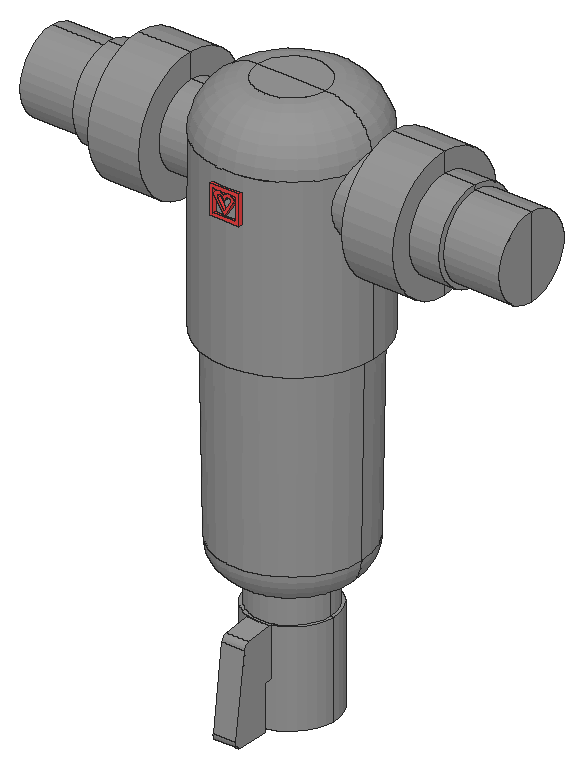
Revit family "HERZ Water Filter For Hot Water 0554", category Rohrzubehör, Revit 2020
Family settings
  Bemaßung runder Anschluss = Durchmesser verwenden
  Teiletyp = Unterbricht
  OmniClass-Nummer = 23.65.55.14
  OmniClass-Titel = Valves for Liquid Services
  Arbeitsebenenbasiert = Nein
  Immer vertikal = Ja
  Beim Laden mit Abzugskörper schneiden = Nein
  Gemeinsam genutzt = Nein
Parameters
  W02 = 88.00°  # constant formula
  W01 = 89.00°  # constant formula
  Vorgabe-Ansicht = 0.000 mm
  VRS01 = 10.000 mm  # constant formula
  SC_NennweiteBerechnet = 0
  SC_Dimension = ""
  SCTWSEQ = "FI;SBT_TYP_FI=\"FI\";2"
  SCTWCODE = "02;00;02"  # constant formula
  S01 [instance] = (L02 + VRL01 + VRL02) - (L01 / 2)  # 30.500 mm
  Model = "Filter for hot water with body made of brass and bowl of Trogamid."
  Medium = "Water"  # constant formula
  Max. operating temperature = 60 °C  # constant formula
  Max. operating pressure = 1600000.0 Pa  # constant formula
  Bowl = "plastic Trogamid"  # constant formula
  Note = "Pursuant to Article 33 of the REACH Regulation (EC No. 1907/2006), we are obliged to point out that the material lead is listed on the SVHC list and that all brass components manufactured in our products exceed 0.1% (w / w) lead (CAS: 7439-92-1 / EINECS: 231-100-4).\r\nSince lead is a component part of an alloy, actual exposure is not possible and therefore no additional information on safe use is necessary."
  GT [instance] = size_lookup("0554_", "GT", 1.000 mm, Nennweite)  # 17.500 mm
  VRL02 [instance] = size_lookup("0554_", "VRL2", 1.000 mm, Nennweite)  # 27.000 mm
  VRL01 [instance] = size_lookup("0554_", "VRL1", 1.000 mm, Nennweite)  # 16.000 mm
  VRD02 [instance] = size_lookup("0554_", "VRD2", 1.000 mm, Nennweite)  # 14.000 mm
  VRD01 [instance] = size_lookup("0554_", "VRD1", 1.000 mm, Nennweite)  # 20.000 mm
  URL = "www.herzvalves.com"
  T01 = 1.000 mm  # constant formula
  R02 = 8.000 mm  # constant formula
  R01 = 12.500 mm  # constant formula
  Nennweite [instance] = 25.000 mm
  Cartridge = "stainless steel, mesh size 100 μm"  # constant formula
  D02 = 22.750 mm  # constant formula
  L02 [instance] = size_lookup("0554_", "L2", 1.000 mm, Nennweite)  # 31.500 mm
  L01 [instance] = size_lookup("0554_", "L1", 1.000 mm, Nennweite)  # 88.000 mm
  Hersteller = "HERZ Armaturen Ges.m.b.H."  # constant formula
  H04 = 151.000 mm  # constant formula
  H03 = 67.500 mm  # constant formula
  H02 = 45.500 mm  # constant formula
  H01 = 24.000 mm  # constant formula
  Body = "brass, CW617N"  # constant formula
  Part number [instance] = if(Nennweite = 15.000 mm, "I055401", if(Nennweite = 20.000 mm, "I055402", if(Nennweite = 25.000 mm, "I055403", "0")))  # "I055403"
  Application = "The HERZ-Water filter is used in house entrance installations for potable water to protect the potable water against contamination.\r\nIn this way the proper functioning of the system is ensured.\r\nDue to its compact design, the filter can be installed wherever space is restricted."
  AG [instance] = Nennweite / 2  # 12.500 mm
  D01 = 25.500 mm  # constant formula
Reference planes
  plane 1 "Mitte (Vorne/hinten)": y = 0
  plane 2: z = 0
  plane 3 "Mitte (Links/rechts)": x = 0
Forms (mm)
  Revolve 1, solid, material "Messing, weicher Gelbton, geschweißt", detail levels fine
    sketch origin (0, 0, 0) x (1, 0, 0) y (0, 0, 1)
      loop
        line (-44, 0) -> (44, 0) -> (44, 12.5) -> (-44, 12.5) -> (-44, 0)
      axis (-44, 0) -> (44, 0)
    angle from 0 to 360
  Revolve 2, solid, material "Messing, weicher Gelbton, geschweißt", detail levels fine
    sketch origin (0, 0, 0) x (1, 0, 0) y (0, 0, 1)
      loop
        line (-31.5, 0) -> (-31.5, 20) -> (-47.5, 20) -> (-47.5, 14) -> (-57, 14) -> (-57, 12.5) -> (-74.5, 12.5) -> (-74.5, 0) -> (-31.5, 0)
      axis (-74.5, 0) -> (-31.5, 0)
    angle from 0 to 360
  Revolve 3, solid, material "Messing, weicher Gelbton, geschweißt", detail levels fine
    sketch origin (0, 0, 0) x (-1, 0, 0) y (0, 0, 1)
      loop
        line (-31.5, 0) -> (-31.5, 20) -> (-47.5, 20) -> (-47.5, 14) -> (-57, 14) -> (-57, 12.5) -> (-74.5, 12.5) -> (-74.5, 0) -> (-31.5, 0)
      axis (-74.5, 0) -> (-31.5, 0)
    angle from 0 to 360
  Revolve 4, solid, material "Messing, weicher Gelbton, geschweißt", detail levels fine
    sketch origin (0, 0, 0) x (1, 0, 0) y (0, 0, 1)
      loop
        line (0, -45.5) -> (0, 24) -> (-10.5, 24)
        arc (-10.5, 24) -> (-21.107, 19.607) -> (-25.5, 9) r 15
        line (-25.5, 9) -> (-25.5, -45.5) -> (0, -45.5)
      axis (0, 24) -> (0, -45.5)
    angle from 0 to 360
  Revolve 5, solid, material "ABS-Kunststoff", detail levels fine
    sketch origin (0, 0, 0) x (1, 0, 0) y (0, 0, 1)
      loop
        line (0, -45.5) -> (-22.75, -45.5) -> (-21.744, -103.156)
        arc (-21.744, -103.156) -> (-19.193, -109.695) -> (-13, -113) r 10.114
        line (-13, -113) -> (0, -113) -> (0, -45.5)
      axis (0, -45.5) -> (0, -113)
    angle from 0 to 360
  Revolve 6, solid, material "Aluminium 3003-H16", detail levels fine
    sketch origin (0, 0, 0) x (1, 0, 0) y (0, 0, 1)
      loop
        line (-13.007, -151) -> (0, -151) -> (0, -113) -> (-12.007, -113) -> (-12.007, -122) -> (-13.007, -122) -> (-13.007, -151)
      axis (0, -113) -> (0, -151)
    angle from 0 to 360
  Extrusion 7, solid, material "Acetalharz, Schwarz", detail levels fine
    sketch origin (0, 0, 0) x (0, 1, 0) y (0, 0, 1)
      loop
        line (-15.045, -151) -> (-15.045, -137.8)
        arc (-15.045, -137.8) -> (-14.81, -137.234) -> (-14.245, -137) r 0.8
        line (-14.245, -137) -> (0, -137) -> (0, -122) -> (-12.995, -122) -> (-20.95, -122.837)
        arc (-20.95, -122.837) -> (-22.128, -123.386) -> (-22.72, -124.543) r 2
        line (-22.72, -124.543) -> (-26.174, -148.717)
        arc (-26.174, -148.717) -> (-25.705, -150.31) -> (-24.194, -151) r 2
        line (-24.194, -151) -> (-15.045, -151)
    from 3.5 to -3.5
Lines and regions (mm)
  model lines, detail levels coarse+medium
    curve 1: line (-44, 0, 24) -> (-44, 0, -24)
    curve 2: line (-44, 0, -24) -> (44, 0, -24)
    curve 3: line (44, 0, -24) -> (44, 0, 24)
    curve 4: line (44, 0, 24) -> (-44, 0, 24)
    curve 5: line (44, 0, 24) -> (12.5, 0, 0)
    curve 6: line (12.5, 0, 0) -> (44, 0, -24)
    curve 7: line (44, 0, 24) -> (54, 0, 24)
    curve 8: line (54, 0, 24) -> (44, 0, 0)
    curve 9: line (44, 0, -24) -> (54, 0, -24)
    curve 10: line (54, 0, -24) -> (44, 0, 0)
    curve 11: line (44, 0, 0) -> (74.5, 0, 0)
    curve 12: line (-44, 0, 24) -> (-54, 0, 24)
    curve 13: line (-54, 0, 24) -> (-44, 0, 0)
    curve 14: line (-44, 0, -24) -> (-54, 0, -24)
    curve 15: line (-54, 0, -24) -> (-44, 0, 0)
    curve 16: line (-44, 0, 0) -> (-74.5, 0, 0)
    curve 17: line (-44, -24, 0) -> (44, -24, 0)
    curve 18: line (-44, 24, 0) -> (-44, -24, 0)
    curve 19: line (44, 24, 0) -> (-44, 24, 0)
    curve 20: line (44, -24, 0) -> (44, 24, 0)
    curve 21: line (44, 24, 0) -> (8.232, 0, 0)
    curve 22: line (8.232, 0, 0) -> (44, -24, 0)
    curve 23: line (44, 24, 0) -> (54, 24, 0)
    curve 24: line (54, 24, 0) -> (44, 0, 0)
    curve 25: line (44, -24, 0) -> (54, -24, 0)
    curve 26: line (54, -24, 0) -> (44, 0, 0)
    curve 27: line (-44, 24, 0) -> (-54, 24, 0)
    curve 28: line (-54, 24, 0) -> (-44, 0, 0)
    curve 29: line (-44, -24, 0) -> (-54, -24, 0)
    curve 30: line (-54, -24, 0) -> (-44, 0, 0)
Dimensions and locks
  "L01": Revolve 1 sketch curve to Revolve 1 sketch curve
  equal spacing: Revolve 1 sketch curve, plane 3 "Mitte (Links/rechts)", Revolve 1 sketch curve
  "R01": Revolve 1 sketch curve to plane 2
  "L02": plane 3 "Mitte (Links/rechts)" to Revolve 2 sketch curve
  "VRL01": Revolve 2 sketch curve to Revolve 2 sketch curve
  "VRL02": Revolve 2 sketch curve to Revolve 2 sketch curve
  "GT": Revolve 2 sketch curve to Revolve 2 sketch curve
  "VRD01": Revolve 2 sketch curve to Revolve 2 sketch curve
  "VRD02": Revolve 2 sketch curve to Revolve 2 sketch curve
  "AG": Revolve 2 sketch curve to Revolve 2 sketch curve
  "VRL01": Revolve 3 sketch curve to Revolve 3 sketch curve
  "VRL02": Revolve 3 sketch curve to Revolve 3 sketch curve
  "GT": Revolve 3 sketch curve to Revolve 3 sketch curve
  "VRD01": Revolve 3 sketch curve to Revolve 3 sketch curve
  "VRD02": Revolve 3 sketch curve to Revolve 3 sketch curve
  "AG": Revolve 3 sketch curve to Revolve 3 sketch curve
  "L02": Revolve 3 sketch curve to plane 3 "Mitte (Links/rechts)"
  "H01": Revolve 4 sketch curve to plane 2
  "D01": Revolve 4 sketch curve to Revolve 4 sketch curve
  "H02": plane 2 to Revolve 4 sketch curve
  "D02": Revolve 5 sketch curve to Revolve 5 sketch curve
  "H02": plane 2 to Revolve 5 sketch curve
  "H03": Revolve 5 sketch curve to Revolve 5 sketch curve
  "H04": plane 2 to Revolve 6 sketch curve
  "D01": nested 1 to plane 1 "Mitte (Vorne/hinten)"
  equal spacing: curve 1, plane 3 "Mitte (Links/rechts)", curve 3
  "H01": curve 4 to level to curve 2
  "L01": curve 1 to curve 3
  "L02": curve 3 to curve 6
  "VRS01": curve 8 to curve 3
  "VRS01": curve 10 to curve 3
  "S01": curve 11 to curve 3
  "VRS01": curve 13 to curve 1
  "VRS01": curve 15 to curve 1
  "S01": curve 16 to Revolve 1
  "L01": curve 18 to curve 20
  equal spacing: curve 18, plane 3 "Mitte (Links/rechts)", curve 20
  "H01": curve 19 to plane 1 "Mitte (Vorne/hinten)" to curve 17
  "VRS01": curve 20 to curve 24
  "VRS01": curve 20 to curve 26
  "VRS01": curve 28 to curve 18
  "VRS01": curve 30 to curve 18
  "W01": angle Revolve 5 sketch curve to Revolve 4
  aligned and locked: level to plane 2
Automatic sketch dimensions
  Extrusion 7 sketch curve to plane 1 "Mitte (Vorne/hinten)" = 0.000 mm
  plane 1 "Mitte (Vorne/hinten)" to Extrusion 7 sketch curve = 12.995 mm
  plane 1 "Mitte (Vorne/hinten)" to Extrusion 7 sketch curve = 14.245 mm
  Extrusion 7 sketch curve to Extrusion 7 sketch curve = 0.800 mm
  Extrusion 7 sketch curve to Extrusion 7 sketch curve = 7.746 mm
  Extrusion 7 sketch curve to Extrusion 7 sketch curve = 0.209 mm
  Extrusion 7 sketch curve to Extrusion 7 sketch curve = 1.980 mm  (x2)
  Extrusion 7 sketch curve to Extrusion 7 sketch curve = 9.149 mm
  Extrusion 7 sketch curve to level = 151.000 mm
  Extrusion 7 sketch curve to Extrusion 7 sketch curve = 2.000 mm
  Extrusion 7 sketch curve to Extrusion 7 sketch curve = 13.200 mm
  Extrusion 7 sketch curve to Extrusion 7 sketch curve = 12.174 mm
  Extrusion 7 sketch curve to Extrusion 7 sketch curve = 0.283 mm
  Extrusion 7 sketch curve to Extrusion 7 sketch curve = 15.000 mm
  curve 15 to level = 0.000 mm
  curve 11 to level = 0.000 mm
  curve 8 to level = 0.000 mm
  curve 5 to level = 0.000 mm
  plane 1 "Mitte (Vorne/hinten)" to curve 22 = 0.000 mm
  plane 1 "Mitte (Vorne/hinten)" to curve 28 = 0.000 mm
  plane 1 "Mitte (Vorne/hinten)" to curve 24 = 0.000 mm
  plane 1 "Mitte (Vorne/hinten)" to curve 26 = 0.000 mm
  plane 3 "Mitte (Links/rechts)" to curve 22 = 8.232 mm
  Revolve 1 sketch curve to level = 0.000 mm  (x2)
  Revolve 1 sketch curve to Revolve 1 sketch curve = 1474.830 mm
  Revolve 1 sketch curve to Revolve 1 sketch curve = 1807.448 mm
  Revolve 2 sketch curve to level = 0.000 mm  (x2)
  Revolve 2 sketch curve to Revolve 2 sketch curve = 1440.530 mm
  plane 3 "Mitte (Links/rechts)" to Revolve 2 sketch curve = 1839.148 mm
  Revolve 3 sketch curve to level = 0.000 mm  (x2)
  Revolve 3 sketch curve to Revolve 3 sketch curve = 1440.530 mm
  plane 3 "Mitte (Links/rechts)" to Revolve 3 sketch curve = 1839.148 mm
  Revolve 4 sketch curve to plane 3 "Mitte (Links/rechts)" = 0.000 mm  (x2)
  level to Revolve 4 sketch curve = 9.000 mm
  Revolve 4 sketch curve to Revolve 4 sketch curve = 320.545 mm
  Revolve 4 sketch curve to Revolve 4 sketch curve = 2190.315 mm
  Revolve 5 sketch curve to plane 3 "Mitte (Links/rechts)" = 0.000 mm  (x2)
  Revolve 5 sketch curve to plane 3 "Mitte (Links/rechts)" = 21.744 mm
  Revolve 5 sketch curve to Revolve 5 sketch curve = 13.000 mm
  Revolve 5 sketch curve to Revolve 5 sketch curve = 10.112 mm
  Revolve 5 sketch curve to Revolve 5 sketch curve = 255.045 mm
  level to Revolve 5 sketch curve = 2214.315 mm
  Revolve 6 sketch curve to plane 3 "Mitte (Links/rechts)" = 0.000 mm  (x2)
  Revolve 6 sketch curve to plane 3 "Mitte (Links/rechts)" = 12.007 mm
  Revolve 6 sketch curve to plane 3 "Mitte (Links/rechts)" = 13.007 mm
  Revolve 6 sketch curve to Revolve 6 sketch curve = 29.000 mm
  Revolve 6 sketch curve to Revolve 6 sketch curve = 9.000 mm
  Revolve 6 sketch curve to Revolve 6 sketch curve = 192.045 mm
  level to Revolve 6 sketch curve = 2214.315 mm
Nested families
  nested 1: "Herz-Logo-vorne" at (0, -25.5, 0) x (0, 1, 0) z (0, 0, 1), type "Herz-Logo-vorne", detail levels fine
Connectors
  piping at (-74.5, 0, 0), diameter 25, driven by "Nennweite"
    settings: on Revolve 2, index 1, connector inside diameter 609.6 mm, connector length 0.000 mm, flow factor 0, pipe flow 0.0 L/s, pressure drop 0.0 Pa, fitting loss kfactor 0, connector angle 0.00°, fixture units 0, engagement length 0.000 mm, angle of deflection 0.00°, flow configuration 0, flow direction 1, fitting loss method 0, system type 19, joint type 0, gender type 0, connector reference index -1, connector utility 0, adjustable connector no, is connector primary yes, connector description ""
  piping at (74.5, 0, 0), diameter 25, driven by "Nennweite"
    settings: on Revolve 3, index 2, connector inside diameter 609.6 mm, connector length 0.000 mm, flow factor 0, pipe flow 0.0 L/s, pressure drop 0.0 Pa, fitting loss kfactor 0, connector angle 0.00°, fixture units 0, engagement length 0.000 mm, angle of deflection 0.00°, flow configuration 0, flow direction 2, fitting loss method 0, system type 19, joint type 0, gender type 0, connector reference index -1, connector utility 0, adjustable connector no, is connector primary no, connector description ""
Definition of nested family "Herz-Logo-vorne"
  Parameters (values of type "Herz-Logo-vorne")
    Default Elevation = 0.000 mm
  Reference planes
    plane 1 "Mitte (Vorne/hinten)": y = 0
    plane 2: z = 0
    plane 3 "Mitte (Links/rechts)": x = 0
  Forms (mm)
    Extrusion 1, solid
      sketch origin (0.732, -0.018, 0.017) x (0, -1, 0) y (0, 0, 1)
        loop
          line (-0.018, -4.517) -> (4.482, -4.517) -> (4.482, 4.483) -> (-4.518, 4.483) -> (-4.518, -4.517) -> (-0.018, -4.517)
        loop
          line (-0.05, -3.48) -> (3.482, -3.48) -> (3.482, 3.483) -> (-3.518, 3.483) -> (-3.518, -3.48) -> (-0.05, -3.48)
        loop
          arc (-0.018, 2.383) -> (-1.543, 3.287) -> (-3.067, 2.383) r 1.738
          arc (-3.067, 2.383) -> (-3.191, 1.899) -> (-3.067, 1.415) r 1.009
          line (-3.067, 1.415) -> (-0.018, -3.281) -> (3.032, 1.415)
          arc (3.032, 1.415) -> (3.156, 1.899) -> (3.032, 2.383) r 1.009
          arc (3.032, 2.383) -> (1.507, 3.287) -> (-0.018, 2.383) r 1.738
        loop
          arc (1.885, 1.272) -> (2.005, 1.675) -> (1.885, 2.079) r 0.74
          arc (1.885, 2.079) -> (1.265, 2.416) -> (0.644, 2.079) r 0.74
          line (0.644, 2.079) -> (-0.018, 0.97) -> (-0.679, 2.079)
          arc (-0.679, 2.079) -> (-1.3, 2.416) -> (-1.921, 2.079) r 0.74
          arc (-1.921, 2.079) -> (-2.04, 1.675) -> (-1.921, 1.272) r 0.74
          line (-1.921, 1.272) -> (-0.018, -1.658) -> (1.885, 1.272)
      from 0 to 1.5
  Dimensions and locks
    aligned and locked: level to plane 2
